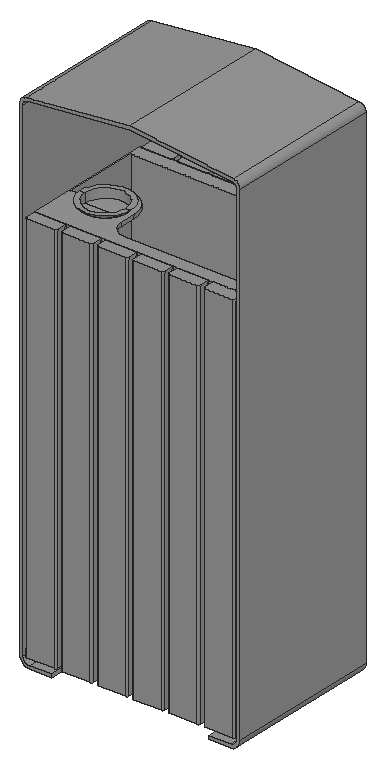
Revit family "Урна стальная «Новая Москва» Арт 12144", category Антураж, Revit 2018
Family settings
  На основе рабочей плоскости = Нет
  Всегда вертикально = Да
  При загрузке вырезать с полостями = Нет
  Источник визуального образа = Геометрия семейства
  Общий = Нет
  Точка расчета площади = Нет
Parameters (values of type "Урна стальная «Новая Москва». Версия Нержавеющая сталь")
  Ширина = 250 mm  # constant formula
  Цвет урны = Нержавеющая сталь
  Цвет отделки = Дерево
  Описание = if(Объем 25 литрой, "Урна стальная «Новая Москва». Версия объем 25 литров", "Урна стальная «Новая Москва». Версия Нержавеющая сталь")  # "Урна стальная «Новая Москва». Версия Нержавеющая сталь"
  Объем 25 литрой = no
  Нержавеющая сталь = not(Объем 25 литрой)  # yes
  Материал изделия = if(Объем 25 литрой, "Сталь, дерево", "Нержавеющая сталь, дерево")  # "Нержавеющая сталь, дерево"
  Изображение типоразмера = Урна стальная «Новая Москва» Арт 12144.jpg
  Изготовитель = "ООО «Хоббика»"  # constant formula
  Длина = 350 mm  # constant formula
  Группа модели = "Уличные урны"  # constant formula
  Высота = 830 mm  # constant formula
  Артикул товара = "Арт. 12144"  # constant formula
  URL = "https://hobbyka.ru/product/urna_stalnaya_novaya_moskva/"
Types (3, lengths in mm): name | Цвет урны | Описание | Объем 25 литрой | Нержавеющая сталь | Материал изделия
  (no name) | Нержавеющая сталь | "Урна стальная «Новая Москва». Версия Нержавеющая сталь" | no | yes | "Нержавеющая сталь, дерево"
  Урна стальная «Новая Москва». Версия объем 25 литров | Сталь | "Урна стальная «Новая Москва». Версия объем 25 литров" | yes | no | "Сталь, дерево"
  Урна стальная «Новая Москва». Версия Нержавеющая сталь | Нержавеющая сталь | "Урна стальная «Новая Москва». Версия Нержавеющая сталь" | no | yes | "Нержавеющая сталь, дерево"
Reference planes
  plane 1 "По центру (Вперед/Назад)": y = 0
  plane 2: z = 0
  plane 3 "По центру (Влево/Вправо)": x = 0
  plane 4: y = 250
  plane 5: x = 350
  plane 6: z = 830
Forms (mm)
  Extrusion 1, solid, material "Нержавеющая сталь" <- "Цвет урны"
    sketch origin (0, 0, 0) x (1, 0, 0) y (0, 0, 1)
      loop
        line (0, 800) -> (0, 15)
        arc (0, 15) -> (4.393, 4.393) -> (15, 0) r 15
        line (15, 0) -> (50, 0) -> (50, 5) -> (15, 5)
        arc (15, 5) -> (7.929, 7.929) -> (5, 15) r 10
        line (5, 15) -> (5, 800)
        arc (5, 800) -> (6.704, 804.926) -> (11.088, 807.745) r 7.97
        line (11.088, 807.745) -> (175, 824.972) -> (338.912, 807.745)
        arc (338.912, 807.745) -> (343.296, 804.926) -> (345, 800) r 7.97
        line (345, 800) -> (345, 15)
        arc (345, 15) -> (342.071, 7.929) -> (335, 5) r 10
        line (335, 5) -> (300, 5) -> (300, 0) -> (335, 0)
        arc (335, 0) -> (345.607, 4.393) -> (350, 15) r 15
        line (350, 15) -> (350, 800)
        arc (350, 800) -> (347.11, 808.162) -> (339.727, 812.687) r 12.97
        line (339.727, 812.687) -> (175, 830) -> (10.273, 812.687)
        arc (10.273, 812.687) -> (2.89, 808.162) -> (0, 800) r 12.97
    from 0 to -250
  Extrusion 2, solid, material "Нержавеющая сталь" <- "Цвет урны"
    sketch origin (0, 0, 0) x (1, 0, 0) y (0, 1, 0)
      loop
        line (7, 230) -> (7, 20) -> (343, 20) -> (343, 230) -> (7, 230)
    from 35 to 640
  Extrusion 3, void
    sketch origin (0, 0, 0) x (1, 0, 0) y (0, 1, 0)
      loop
        line (341, 210) -> (9, 210) -> (9, 40) -> (341, 40) -> (341, 210)
    from 41.771 to 640
  Revolve 4, solid, material "Нержавеющая сталь"
    sketch origin (0, 90, -11.658) x (1, 0, 0) y (0, 0, 1)
      loop
        line (96.385, 656.957) -> (96.385, 641.957) -> (64, 641.957) -> (64, 640) -> (98.701, 640) -> (98.701, 651.658) -> (104, 656.957) -> (96.385, 656.957)
      axis (64, 640) -> (64, 656.957)
    angle from 0 to 360
  Extrusion 5, solid, material "Нержавеющая сталь" <- "Цвет урны"
    sketch origin (0, 0, 0) x (1, 0, 0) y (0, 1, 0)
      loop
        arc (109, 90) -> (64, 135) -> (19, 90) r 45
        line (19, 90) -> (9, 90) -> (9, 40) -> (134, 40)
        arc (134, 40) -> (116.322, 47.322) -> (109, 65) r 25
        line (109, 65) -> (109, 90)
      loop
        circle (64, 90) r 34.701
    from 635 to 640
  Extrusion 6, solid, material "Дерево" <- "Цвет отделки"
    sketch origin (0, 0, 0) x (1, 0, 0) y (0, 1, 0)
      loop
        line (55.167, 20) -> (11.5, 20)
        arc (11.5, 20) -> (9.379, 19.121) -> (8.5, 17) r 3
        line (8.5, 17) -> (8.5, 3)
        arc (8.5, 3) -> (9.379, 0.879) -> (11.5, 0) r 3
        line (11.5, 0) -> (55.167, 0)
        arc (55.167, 0) -> (57.288, 0.879) -> (58.167, 3) r 3
        line (58.167, 3) -> (58.167, 17)
        arc (58.167, 17) -> (57.288, 19.121) -> (55.167, 20) r 3
      loop
        arc (68.167, 20) -> (66.045, 19.121) -> (65.167, 17) r 3
        line (65.167, 17) -> (65.167, 3)
        arc (65.167, 3) -> (66.045, 0.879) -> (68.167, 0) r 3
        line (68.167, 0) -> (111.833, 0)
        arc (111.833, 0) -> (113.955, 0.879) -> (114.833, 3) r 3
        line (114.833, 3) -> (114.833, 17)
        arc (114.833, 17) -> (113.955, 19.121) -> (111.833, 20) r 3
        line (111.833, 20) -> (68.167, 20)
      loop
        line (168.5, 20) -> (124.833, 20)
        arc (124.833, 20) -> (122.712, 19.121) -> (121.833, 17) r 3
        line (121.833, 17) -> (121.833, 3)
        arc (121.833, 3) -> (122.712, 0.879) -> (124.833, 0) r 3
        line (124.833, 0) -> (168.5, 0)
        arc (168.5, 0) -> (170.621, 0.879) -> (171.5, 3) r 3
        line (171.5, 3) -> (171.5, 17)
        arc (171.5, 17) -> (170.621, 19.121) -> (168.5, 20) r 3
      loop
        arc (181.5, 20) -> (179.379, 19.121) -> (178.5, 17) r 3
        line (178.5, 17) -> (178.5, 3)
        arc (178.5, 3) -> (179.379, 0.879) -> (181.5, 0) r 3
        line (181.5, 0) -> (225.167, 0)
        arc (225.167, 0) -> (227.288, 0.879) -> (228.167, 3) r 3
        line (228.167, 3) -> (228.167, 17)
        arc (228.167, 17) -> (227.288, 19.121) -> (225.167, 20) r 3
        line (225.167, 20) -> (181.5, 20)
      loop
        line (281.833, 20) -> (238.167, 20)
        arc (238.167, 20) -> (236.045, 19.121) -> (235.167, 17) r 3
        line (235.167, 17) -> (235.167, 3)
        arc (235.167, 3) -> (236.045, 0.879) -> (238.167, 0) r 3
        line (238.167, 0) -> (281.833, 0)
        arc (281.833, 0) -> (283.955, 0.879) -> (284.833, 3) r 3
        line (284.833, 3) -> (284.833, 17)
        arc (284.833, 17) -> (283.955, 19.121) -> (281.833, 20) r 3
      loop
        arc (294.833, 20) -> (292.712, 19.121) -> (291.833, 17) r 3
        line (291.833, 17) -> (291.833, 3)
        arc (291.833, 3) -> (292.712, 0.879) -> (294.833, 0) r 3
        line (294.833, 0) -> (338.5, 0)
        arc (338.5, 0) -> (340.621, 0.879) -> (341.5, 3) r 3
        line (341.5, 3) -> (341.5, 17)
        arc (341.5, 17) -> (340.621, 19.121) -> (338.5, 20) r 3
        line (338.5, 20) -> (294.833, 20)
      loop
        arc (55.167, 230) -> (57.288, 230.879) -> (58.167, 233) r 3
        line (58.167, 233) -> (58.167, 247)
        arc (58.167, 247) -> (57.288, 249.121) -> (55.167, 250) r 3
        line (55.167, 250) -> (11.5, 250)
        arc (11.5, 250) -> (9.379, 249.121) -> (8.5, 247) r 3
        line (8.5, 247) -> (8.5, 233)
        arc (8.5, 233) -> (9.379, 230.879) -> (11.5, 230) r 3
        line (11.5, 230) -> (55.167, 230)
      loop
        line (68.167, 230) -> (111.833, 230)
        arc (111.833, 230) -> (113.955, 230.879) -> (114.833, 233) r 3
        line (114.833, 233) -> (114.833, 247)
        arc (114.833, 247) -> (113.955, 249.121) -> (111.833, 250) r 3
        line (111.833, 250) -> (68.167, 250)
        arc (68.167, 250) -> (66.045, 249.121) -> (65.167, 247) r 3
        line (65.167, 247) -> (65.167, 233)
        arc (65.167, 233) -> (66.045, 230.879) -> (68.167, 230) r 3
      loop
        arc (168.5, 230) -> (170.621, 230.879) -> (171.5, 233) r 3
        line (171.5, 233) -> (171.5, 247)
        arc (171.5, 247) -> (170.621, 249.121) -> (168.5, 250) r 3
        line (168.5, 250) -> (124.833, 250)
        arc (124.833, 250) -> (122.712, 249.121) -> (121.833, 247) r 3
        line (121.833, 247) -> (121.833, 233)
        arc (121.833, 233) -> (122.712, 230.879) -> (124.833, 230) r 3
        line (124.833, 230) -> (168.5, 230)
      loop
        line (181.5, 230) -> (225.167, 230)
        arc (225.167, 230) -> (227.288, 230.879) -> (228.167, 233) r 3
        line (228.167, 233) -> (228.167, 247)
        arc (228.167, 247) -> (227.288, 249.121) -> (225.167, 250) r 3
        line (225.167, 250) -> (181.5, 250)
        arc (181.5, 250) -> (179.379, 249.121) -> (178.5, 247) r 3
        line (178.5, 247) -> (178.5, 233)
        arc (178.5, 233) -> (179.379, 230.879) -> (181.5, 230) r 3
      loop
        arc (281.833, 230) -> (283.955, 230.879) -> (284.833, 233) r 3
        line (284.833, 233) -> (284.833, 247)
        arc (284.833, 247) -> (283.955, 249.121) -> (281.833, 250) r 3
        line (281.833, 250) -> (238.167, 250)
        arc (238.167, 250) -> (236.045, 249.121) -> (235.167, 247) r 3
        line (235.167, 247) -> (235.167, 233)
        arc (235.167, 233) -> (236.045, 230.879) -> (238.167, 230) r 3
        line (238.167, 230) -> (281.833, 230)
      loop
        line (294.833, 230) -> (338.5, 230)
        arc (338.5, 230) -> (340.621, 230.879) -> (341.5, 233) r 3
        line (341.5, 233) -> (341.5, 247)
        arc (341.5, 247) -> (340.621, 249.121) -> (338.5, 250) r 3
        line (338.5, 250) -> (294.833, 250)
        arc (294.833, 250) -> (292.712, 249.121) -> (291.833, 247) r 3
        line (291.833, 247) -> (291.833, 233)
        arc (291.833, 233) -> (292.712, 230.879) -> (294.833, 230) r 3
    from 15 to 640
Cuts and joins
  Extrusion 3 cuts Extrusion 1
  Extrusion 3 cuts Extrusion 2
  joined: Extrusion 2, Extrusion 5
Dimensions and locks
  "Длина": plane 5 to plane 3 "По центру (Влево/Вправо)"
  "Ширина": plane 4 to plane 1 "По центру (Вперед/Назад)"
  "Высота": plane 6 to plane 2
  aligned and locked: level to plane 2
Automatic sketch dimensions
  Extrusion 1 sketch curve to Extrusion 1 sketch curve = 0 mm  (x9)
  Extrusion 1 sketch curve to plane 3 "По центру (Влево/Вправо)" = 0 mm
  Extrusion 1 sketch curve to level = 0 mm  (x2)
  Extrusion 1 sketch curve to plane 6 = 0 mm
  Extrusion 1 sketch curve to plane 5 = 0 mm
  plane 3 "По центру (Влево/Вправо)" to Extrusion 1 sketch curve = 5 mm
  plane 3 "По центру (Влево/Вправо)" to Extrusion 1 sketch curve = 10.273 mm
  Extrusion 1 sketch curve to Extrusion 1 sketch curve = 0.815 mm  (x2)
  Extrusion 1 sketch curve to Extrusion 1 sketch curve = 7.97 mm  (x2)
  Extrusion 1 sketch curve to Extrusion 1 sketch curve = 10 mm  (x2)
  Extrusion 1 sketch curve to Extrusion 1 sketch curve = 35 mm
  Extrusion 1 sketch curve to plane 6 = 5.028 mm
  Extrusion 1 sketch curve to Extrusion 1 sketch curve = 162.03 mm
  level to Extrusion 1 sketch curve = 5 mm
  Extrusion 1 sketch curve to Extrusion 1 sketch curve = 45 mm
  Extrusion 1 sketch curve to Extrusion 1 sketch curve = 1.882 mm
  Extrusion 1 sketch curve to plane 6 = 30 mm  (x2)
  plane 3 "По центру (Влево/Вправо)" to Extrusion 2 sketch curve = 7 mm
  Extrusion 2 sketch curve to plane 5 = 7 mm
  Extrusion 2 sketch curve to plane 1 "По центру (Вперед/Назад)" = 20 mm
  Extrusion 2 sketch curve to plane 4 = 20 mm
  plane 3 "По центру (Влево/Вправо)" to Extrusion 3 sketch curve = 9 mm
  Extrusion 3 sketch curve to plane 5 = 9 mm
  Extrusion 3 sketch curve to plane 1 "По центру (Вперед/Назад)" = 40 mm
  Extrusion 3 sketch curve to plane 4 = 40 mm
  plane 3 "По центру (Влево/Вправо)" to Revolve 4 sketch curve = 64 mm
  Revolve 4 sketch curve to Revolve 4 sketch curve = 32.385 mm
  Revolve 4 sketch curve to Revolve 4 sketch curve = 2.317 mm
  Revolve 4 sketch curve to Revolve 4 sketch curve = 5.299 mm  (x2)
  Revolve 4 sketch curve to plane 6 = 201.658 mm
  Revolve 4 sketch curve to Revolve 4 sketch curve = 1.957 mm
  Revolve 4 sketch curve to Revolve 4 sketch curve = 9.701 mm
  Revolve 4 sketch curve to Revolve 4 sketch curve = 0 mm  (x2)
  Revolve 4 sketch curve to Revolve 4 sketch curve = 15 mm
  Extrusion 5 sketch curve to Extrusion 5 sketch curve = 45 mm
  Extrusion 5 sketch curve to Extrusion 5 sketch curve = 25 mm  (x2)
  Extrusion 5 sketch curve to plane 1 "По центру (Вперед/Назад)" = 40 mm
  Extrusion 5 sketch curve to Extrusion 5 sketch curve = 10 mm
  plane 3 "По центру (Влево/Вправо)" to Extrusion 5 sketch curve = 9 mm
  Extrusion 5 sketch curve to Extrusion 5 sketch curve = 0 mm  (x2)
  Extrusion 5 sketch curve to Extrusion 5 sketch curve = 10.299 mm
  Extrusion 6 sketch curve to plane 4 = 0 mm  (x6)
  plane 1 "По центру (Вперед/Назад)" to Extrusion 6 sketch curve = 0 mm  (x6)
  plane 3 "По центру (Влево/Вправо)" to Extrusion 6 sketch curve = 8.5 mm  (x2)
  Extrusion 6 sketch curve to plane 4 = 3 mm  (x6)
  Extrusion 6 sketch curve to Extrusion 6 sketch curve = 3 mm  (x26)
  Extrusion 6 sketch curve to plane 4 = 17 mm  (x2)
  Extrusion 6 sketch curve to Extrusion 6 sketch curve = 43.667 mm  (x10)
  Extrusion 6 sketch curve to Extrusion 6 sketch curve = 0 mm  (x10)
  Extrusion 6 sketch curve to plane 1 "По центру (Вперед/Назад)" = 3 mm  (x8)
  Extrusion 6 sketch curve to Extrusion 6 sketch curve = 7 mm  (x10)
  Extrusion 6 sketch curve to plane 4 = 20 mm
  Extrusion 6 sketch curve to plane 5 = 11.5 mm  (x3)
  Extrusion 6 sketch curve to Extrusion 6 sketch curve = 14 mm  (x4)
  Extrusion 6 sketch curve to Extrusion 6 sketch curve = 17 mm  (x2)
